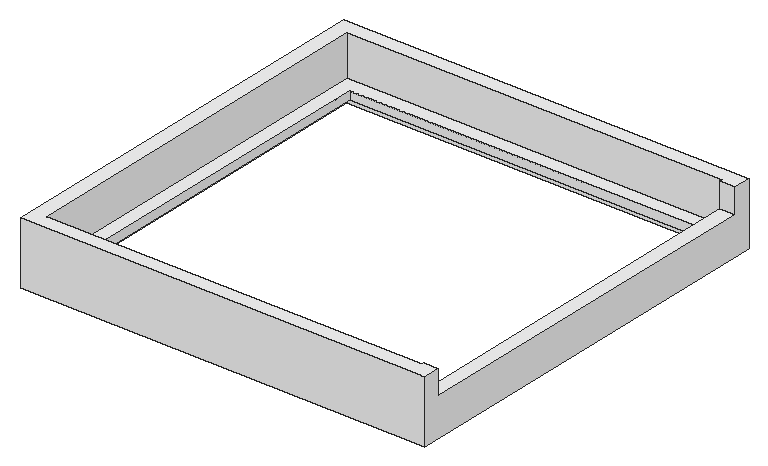
Revit family "Gira_028201", category Electrical Fixtures, host Face, Revit 2017
Family settings
  Host = Face
  Maintain Annotation Orientation = No
  Round Connector Dimension = Use Diameter
  Part Type = Normal
  Cut with Voids When Loaded = No
  Shared = No
  Room Calculation Point = No
Parameters (values of type "Adapter fr. square 50 x 50 mm System 55 cr.white")
  URL = "http://katalog.gira.de/en/datenblatt.html?artikelnr=028201"
  Name = "Adapter fr. square 50 x 50 mm System 55 cr.white"
  Manufacturer URL = "https://www.gira.de/"
  Manufacturer = "Gira"
  Keynote = ""
  HeinzeBIM = "https://bimportal.heinze.de/bim/adapter-fr-square-50-x-50-mm-system-55-cr-white/ad288752d9ea2a9c9d7bea066009ee80c0471550"
  HAN = "028201"
  GTIN = "4010337282013"
  Dimensions = "SQ50 / SQ50"
  Description = "Adap.fr.square 50x50mm Sys55 CW,Adapter frame with square cut-out for devices with cover (50 x 50 mm),,cream white glossy,Features:,- Devices with a square central plate (50 x 50 mm) from other manufacturers, e. g. Alcatel, AMP Econo Link System, Brand-Rex, BTR, Cellpack ITT Cannon Cat. 5, Deutsche Telekom, Drahtex, Hirose, Kannegieter BICC Brand Rex, Kerpen ELine 600, Krone, Molex, Nedap, Panduit, Quante, Reichle de Massari, Rutenbeck, Schumann Netzwerktechnik, HomeWay, Siemens ICCS 100, 300 and 600, Telegärtner, Telenorma, TKM (4 x RJ45 shielded, Cat. 5) can be integrated into the design line with the adapter frame and cover frame (1-gang to 5-gang)."
  Default Elevation = 1219.2 mm
  Data sheet (1) = "https://katalog.gira.de/en/download.html?artikelnr=028201"
  Category = "Transition adapter for domestic switching devices"
  BIM (1) = "https://media.stage.bim.site/public/gira/36a6b08/Sys55_Adapterrahmen_50x50.rfa"
  Available = "No"
Reference planes
  plane 1 "Center (Front/Back)": y = 0
  plane 2: z = 0
  plane 3 "Center (Left/Right)": x = 0
  plane 4: y = 27.7
  plane 5: y = -27.7
  plane 6: x = 27.7
  plane 7: x = -27.7
  plane 8: y = -25.4
  plane 9: y = 25.4
Forms (mm)
  Extrusion 1, solid, material "White", detail levels fine
    sketch origin (0, 0, 0) x (1, 0, 0) y (0, 1, 0)
      loop
        line (-27.7, 27.7) -> (-27.7, -27.7) -> (27.7, -27.7) -> (27.7, 27.7) -> (-27.7, 27.7)
      loop
        line (-25.7, 25.7) -> (-25.7, -25.7) -> (25.7, -25.7) -> (25.7, 25.7) -> (-25.7, 25.7)
    from 0 to 8.6
  Extrusion 2, solid, material "White", detail levels fine
    sketch origin (0, 0, 0) x (1, 0, 0) y (0, 1, 0)
      loop
        line (-25.7, 25.7) -> (-25.7, -25.7) -> (25.7, -25.7) -> (25.7, 25.7) -> (-25.7, 25.7)
      loop
        line (-23.7, 23.7) -> (-23.7, -23.7) -> (23.7, -23.7) -> (23.7, 23.7) -> (-23.7, 23.7)
    from 1.9 to 3.1
  Extrusion 3, void, detail levels fine
    sketch origin (0, 0, 0) x (1, 0, 0) y (0, 1, 0)
      loop
        line (27.7, 25.4) -> (25.7, 25.4) -> (25.7, -25.4) -> (27.7, -25.4) -> (27.7, 25.4)
    from 5.2 to 10
  Extrusion 4, solid, material "White", detail levels coarse+medium
    sketch origin (0, 0, 0) x (1, 0, 0) y (0, 1, 0)
      loop
        line (-27.7, 27.7) -> (-27.7, -27.7) -> (27.7, -27.7) -> (27.7, 27.7) -> (-27.7, 27.7)
    from 0 to 8.6
Cuts and joins
  Extrusion 3 cuts Extrusion 1
  Extrusion 3 cuts Extrusion 2
Dimensions and locks
  aligned and locked: plane 2 to host face
  aligned and locked: level to host face
